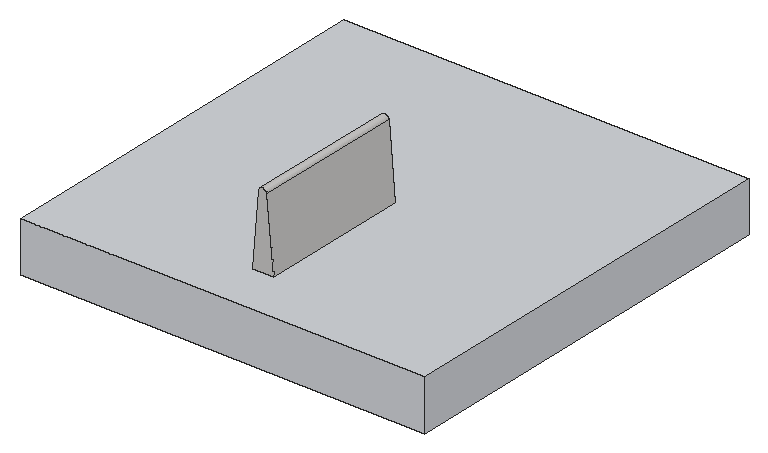
Revit family
Parameters (values of type "8949-N")
  Waste Connection = no
  WFU = 0
  Voltage = 0
  Vent Connection = no
  URL = "http://www.neo-metro.com"
  Type Comments = ""
  Tempered Water Connection = no
  Revised Date = "06/13/11"
  Phone# = "626-336-4561"
  Model = "8949-N"
  Material = 304 Stainless Steel
  Manufacturer = "Neo-Metro"
  HWFU = 0
  HW Connection = no
  Designed By = "ATS BIM Team"
  Description = "Front Access Urinal Screen"
  Default Elevation = 48"
  CWFU = 0
  CW Connection = no
  Assembly Code = ""
  Amperage = 0
Reference planes (in)
  plane 1 "Center (Front/Back)": y = 0
  plane 2: z = 0
  plane 3 "Center (Left/Right)": x = 0
  plane 4: z = 18
Forms (in)
  Extrusion 1, solid
    sketch origin (0, 0, 0) x (1, 0, 0) y (0, 1, 0)
      loop
        line (-48, 48) -> (-48, -48) -> (48, -48) -> (48, 48) -> (-48, 48)
    from 0 to -12
  Extrusion 2, solid, material "304 Stainless Steel" <- "Material"
    sketch origin (0, 0, 0) x (1, 0, 0) y (0, 0, 1)
      loop
        line (-2.5, 0) -> (2.5, 0) -> (0.99615, 17.08769)
        arc (0.99615, 17.08769) -> (0, 18.00002) -> (-0.99615, 17.08769) r 1
        line (-0.99615, 17.08769) -> (-2.5, 0)
    from 0 to 36
Dimensions and locks (in)
  aligned and locked: plane 2 to Extrusion 1
  aligned and locked: level to Extrusion 1
